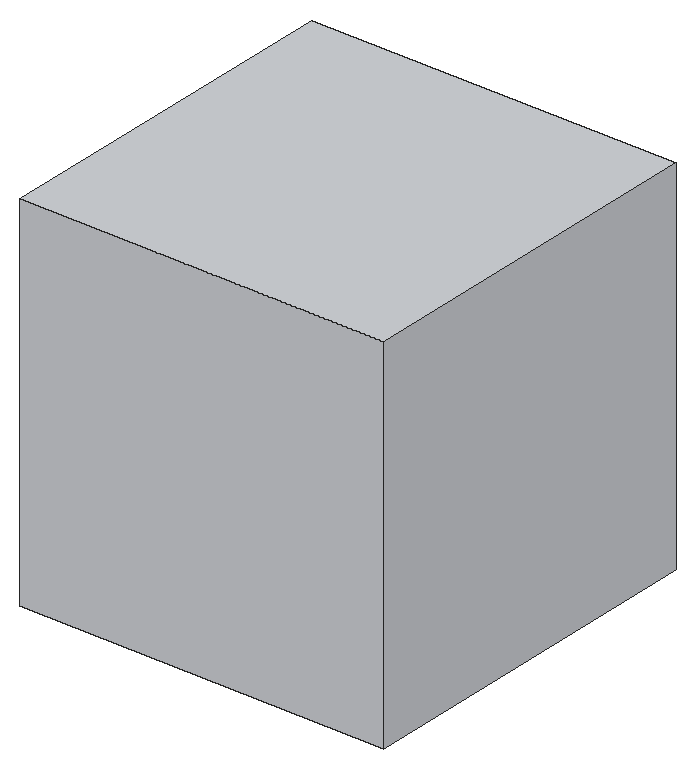
Revit family "conduit", category Electrical Equipment, Revit 2023
Family settings
  Panel Configuration = Two Columns, Circuits Across
  Round Connector Dimension = Use Radius
  Part Type = Panelboard
  OmniClass Number = 23.80.30.17.11
  OmniClass Title = Conduits
  Work Plane-Based = No
  Always vertical = Yes
  Cut with Voids When Loaded = No
  Maintain Annotation Orientation = No
  Shared = No
  Room Calculation Point = No
Parameters (values of type "標準")
  マテリア [instance] = none
  Width [instance] = 300 mm
  Height [instance] = 300 mm
  Depth [instance] = 300 mm
  Default Elevation = 0 mm
Reference planes
  plane 1 "中心(正面/背面)": y = 0
  plane 2: z = 0
  plane 3 "中心(左/右)": x = 0
  plane 4: x = 150
  plane 5: x = -150
  plane 6: y = 150
  plane 7: y = -150
  plane 8: z = 300
Forms (mm)
  Extrusion 1, solid, material <- "マテリア"
    sketch origin (0, 0, 0) x (1, 0, 0) y (0, 1, 0)
      loop
        line (-150, 150) -> (-150, -150) -> (150, -150) -> (150, 150) -> (-150, 150)
    from 0 to 300
Dimensions and locks
  equal spacing: plane 5, plane 3 "中心(左/右)", plane 4
  "Width": plane 5 to plane 4
  equal spacing: plane 7, plane 1 "中心(正面/背面)", plane 6
  "Depth": plane 7 to plane 6
  "Height": plane 8 to plane 2
  aligned and locked: plane 4 to Extrusion 1
  aligned and locked: Extrusion 1 to plane 5
  aligned and locked: Extrusion 1 to plane 6  (x2)
  aligned and locked: plane 7 to Extrusion 1  (x2)
  aligned and locked: plane 8 to Extrusion 1
Automatic sketch dimensions
  Extrusion 1 sketch curve to plane 5 = 0 mm
  Extrusion 1 sketch curve to plane 4 = 0 mm
  plane 7 to Extrusion 1 sketch curve = 0 mm
  plane 6 to Extrusion 1 sketch curve = 0 mm
